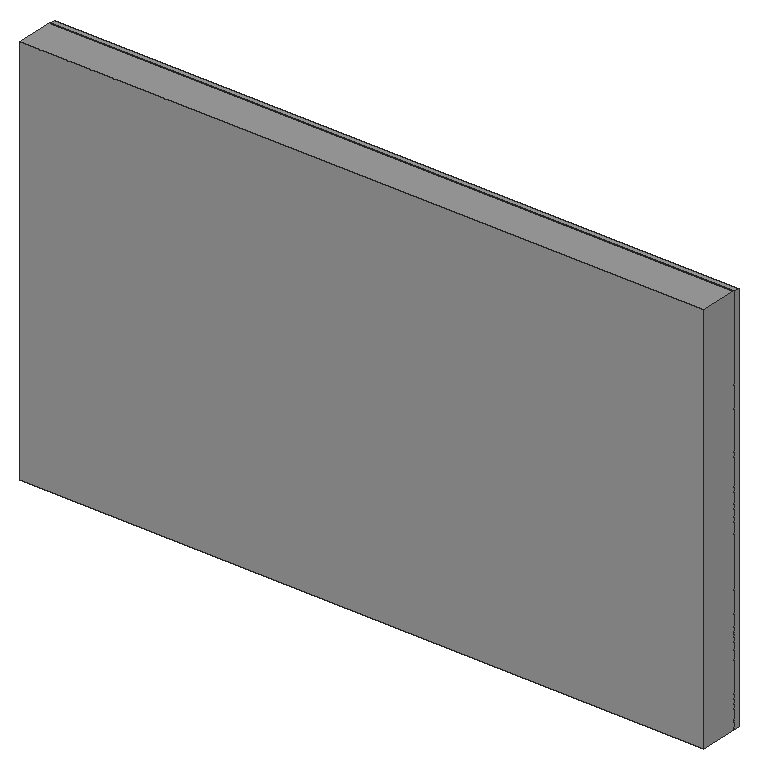
Revit family "Pluraluce M LED 1-s Sentr (skrått 45 grader opp mot høyre_veggmontasje)", category Lighting Fixtures, Revit 2013
Parameters (values of type "20m")
  Width = 10 mm
  Wattage Comments = "17 W"
  Wattage = 9.2903 W
  built-in parameter 1150110 = 1 (stored number, unit not read)
  Voltage = 230 V
  URL = ""
  built-in parameter 1114217 = 1 (stored number, unit not read)
  Tilt Angle = 90.00°
  built-in parameter 1150109 = 1 (stored number, unit not read)
  built-in parameter 1150134 = 3
  Symbol Positive Direction [instance] = yes
  Symbol Offset Side [instance] = 0 mm
  Symbol Offset Out [instance] = 0 mm
  built-in parameter 1150113 = 1 (stored number, unit not read)
  Reference Line Out [instance] = 50 mm
  Photometric Web File = "20x42A12.ies"
  Number of Poles = 1
  built-in parameter 1150105 = 109.82 (stored number, unit not read)
  Lumens = 1380 lm
  built-in parameter 1150115 = 1 (stored number, unit not read)
  Load Classification [instance] = Other
  Model = ""
  Manufacturer = ""
  built-in parameter 1150137 = (empty or 0)
  built-in parameter 1150139 = (empty or 0)
  Length 1 = Length - 30 mm  # 205 mm
  Length = 235 mm
  built-in parameter 1150112 = 1 (stored number, unit not read)
  built-in parameter 1150114 = 1 (stored number, unit not read)
  Lamp = "1"
  built-in parameter 1150132 = (empty or 0)
  built-in parameter 1150102 = (empty or 0)
  built-in parameter 1150107 = 3200 (stored number, unit not read)
  built-in parameter 1150138 = (empty or 0)
  built-in parameter 1150106 = 1.0982 (stored number, unit not read)
  Height 1 = Height - 30 mm  # 105 mm
  Height = 135 mm
  Emit from Rectangle Width = Height  # 135 mm
  Emit from Rectangle Length = Length  # 235 mm
  Emit Shape Visible in Rendering = no
  built-in parameter 1150104 = 13.8 (stored number, unit not read)
  Dimming Lamp Color Temperature Shift = <None>
  Description = ""
  Color Filter = 16777215
  Body Material and Colour = Default
  built-in parameter 1114218 = 1 (stored number, unit not read)
  built-in parameter 1150133 = 10 (stored number, unit not read)
  Assembly Code = ""
  Apparent Load = 17 VA
  30m = no
  20m = yes
Types (2, lengths in mm): name | Reference Line Out | Length 1 | Length | Height 1 | Height | Emit from Rectangle Width | Emit from Rectangle Length | 30m | 20m
  20m | 50 | 205 | 235 | 105 | 135 | 135 | 235 | no | yes
  30m | 139.852 | 305 | 335 | 155 | 185 | 185 | 335 | yes | no
Reference planes
  plane 1 "Light Source Axis (F/B)": y = 119.961
  plane 2 "Top": z = 83
  plane 3 "Light Source Axis (L/R)": x = 0
  plane 4 "Level": z = 0
  plane 5 "Bottom": z = -135
  plane 6: x = -117.5
  plane 7: x = 117.5
  plane 8: y = 132.961
  plane 9: y = 134.961
  plane 10: z = -15
  plane 11: x = -102.5
  plane 12: x = 102.5
  plane 13: z = -67.5
  plane 14: z = -120
Forms (mm)
  Extrusion 1, solid, material "Default" <- "Body Material and Colour"
    sketch origin (0, 119.961, 0) x (1, 0, 0) y (0, 0, 1)
      loop
        line (-117.5, 0) -> (-117.5, -135) -> (117.5, -135) -> (117.5, 0) -> (-117.5, 0)
    from 0 to -13
  Extrusion 2, solid, material "Default" <- "Body Material and Colour"
    sketch origin (0, 119.961, 0) x (1, 0, 0) y (0, 0, 1)
      loop
        line (-117.5, 0) -> (-117.5, -135) -> (117.5, -135) -> (117.5, 0) -> (-117.5, 0)
      loop
        line (-102.5, -15) -> (-102.5, -120) -> (102.5, -120) -> (102.5, -15) -> (-102.5, -15)
    from -15 to -13
Lines and regions (mm)
  model lines, style "InvisibleLines"
    curve 1: line (0, 119.961, 0) -> (0, 169.961, 0)
Dimensions and locks
  equal spacing: plane 6, plane 3 "Light Source Axis (L/R)", plane 7
  "Length": plane 6 to plane 7
  plane 8 to plane 1 "Light Source Axis (F/B)" = 13 mm
  locked: plane 9 to plane 8 at 2
  equal spacing: plane 4 "Level", plane 13, plane 5 "Bottom"
  "Height": plane 4 "Level" to plane 5 "Bottom"
  equal spacing: plane 11, plane 3 "Light Source Axis (L/R)", plane 12
  "Length 1": plane 11 to plane 12
  equal spacing: plane 10, plane 13, plane 14
  "Height 1": plane 10 to plane 14
  locked: plane 1 "Light Source Axis (F/B)" to plane 9 at 15
  "Reference Line Out": plane 1 "Light Source Axis (F/B)" to curve 1
  aligned and locked: plane 4 "Level" to level
  aligned and locked: plane 8 to nested 2
  aligned and locked: nested 2 to plane 13
  aligned and locked: plane 3 "Light Source Axis (L/R)" to nested 3
  aligned and locked: plane 1 "Light Source Axis (F/B)" to nested 3
  aligned and locked: plane 8 to nested 1
  aligned and locked: plane 4 "Level" to Extrusion 1 sketch curve
  aligned and locked: plane 6 to Extrusion 1 sketch curve
  aligned and locked: plane 5 "Bottom" to Extrusion 1 sketch curve
  aligned and locked: Extrusion 1 sketch curve to plane 7
  aligned and locked: Extrusion 1 to plane 8
  aligned and locked: plane 1 "Light Source Axis (F/B)" to Extrusion 1
  aligned and locked: plane 4 "Level" to Extrusion 2 sketch curve
  aligned and locked: Extrusion 2 sketch curve to plane 7
  aligned and locked: plane 5 "Bottom" to Extrusion 2 sketch curve
  aligned and locked: plane 6 to Extrusion 2 sketch curve
  aligned and locked: Extrusion 2 sketch curve to plane 10
  aligned and locked: plane 11 to Extrusion 2 sketch curve
  aligned and locked: plane 14 to Extrusion 2 sketch curve
  aligned and locked: Extrusion 2 sketch curve to plane 12
  aligned and locked: plane 8 to Extrusion 2
  aligned and locked: Extrusion 2 to plane 9
  aligned and locked: nested 1 to plane 13
  aligned and locked: plane 13 to imposter light
  aligned and locked: imposter light to plane 9
  aligned and locked: plane 1 "Light Source Axis (F/B)" to curve 1
  aligned and locked: plane 3 "Light Source Axis (L/R)" to curve 1
Nested families
  nested 1: "20m_skrått 45 grader opp mot høyre" at (0, 132.961, -67.5), visible <- "20m", type "20m"
  nested 2: "30m_skrått 45 grader opp mot høyre" at (0, 132.961, -67.5), visible <- "30m", type "30m"
  nested 3: "MarkeringslysS" at (0, 119.961, 0), type "Type 1"
Connectors
  electrical at (0, 119.961, 0), driven by "Number of Poles", driven by "Voltage", driven by "Apparent Load", driven by "Load Classification"
    settings: index 1, voltage 230 V, apparent load 0 VA, apparent load phase1 17 VA, apparent load phase2 0 VA, apparent load phase3 0 VA, power factor 1, load classification "Other", number of poles 1, system type 31, power factor state 1, is connector primary yes, connector utility no, sub classification motor no, connector description ""
Definition of nested family "20m_skrått 45 grader opp mot høyre"
  Parameters (values of type "20m")
    Material = yes
    L = 205 mm
    H = 135 mm
  Reference planes
    plane 1 "Center (Front/Back)": y = 0
    plane 2: z = 0
    plane 3 "Center (Left/Right)": x = 0
    plane 4: y = -2
  Forms (mm)
    Extrusion 1, solid, material "Green", visible <- "Material"
      sketch origin (453.48, 0, -265.275) x (1, 0, 0) y (0, 0, 1)
        loop
          line (-555.98, 317.775) -> (-555.98, 212.775) -> (-350.98, 212.775) -> (-350.98, 317.775) -> (-555.98, 317.775)
        loop
          circle (-437.193, 303.483) r 7
        loop
          line (-431.459, 291.17) -> (-435.11, 287.519) -> (-431.017, 280.43) -> (-442.639, 270.677)
          arc (-442.639, 270.677) -> (-443.324, 269.361) -> (-442.878, 267.946) r 1.939
          line (-442.878, 267.946) -> (-441.216, 265.965)
          arc (-441.216, 265.965) -> (-439.9, 265.28) -> (-438.485, 265.726) r 1.939
          line (-438.485, 265.726) -> (-427.735, 274.746) -> (-422.813, 266.22) -> (-434.103, 256.746) -> (-434.103, 225.892)
          arc (-434.103, 225.892) -> (-433.157, 223.607) -> (-430.872, 222.661) r 3.232
          line (-430.872, 222.661) -> (-427.64, 222.661)
          arc (-427.64, 222.661) -> (-425.355, 223.607) -> (-424.409, 225.892) r 3.232
          line (-424.409, 225.892) -> (-424.409, 252.226) -> (-417.891, 257.695) -> (-412.727, 248.752) -> (-379.165, 248.752)
          arc (-379.165, 248.752) -> (-376.88, 249.699) -> (-375.934, 251.984) r 3.232
          line (-375.934, 251.984) -> (-375.934, 255.215)
          arc (-375.934, 255.215) -> (-376.88, 257.5) -> (-379.165, 258.447) r 3.232
          line (-379.165, 258.447) -> (-395.935, 258.447) -> (-412.211, 286.638) -> (-395.394, 283.363) -> (-389.337, 272.872)
          arc (-389.337, 272.872) -> (-388.11, 271.956) -> (-386.602, 272.215) r 1.939
          line (-386.602, 272.215) -> (-384.363, 273.669)
          arc (-384.363, 273.669) -> (-383.522, 274.892) -> (-383.792, 276.351) r 1.939
          line (-383.792, 276.351) -> (-392.221, 289.33) -> (-425.848, 295.878) -> (-431.459, 291.17)
        loop
          line (-492.493, 288.256) -> (-519.53, 288.256) -> (-519.53, 261.219) -> (-511.419, 253.108) -> (-511.419, 272.034) -> (-477.623, 238.238) -> (-469.512, 246.349) -> (-503.308, 280.145) -> (-484.382, 280.145) -> (-492.493, 288.256)
      from 0 to 2
  Dimensions and locks
    aligned and locked: level to plane 2
Definition of nested family "30m_skrått 45 grader opp mot høyre"
  Parameters (values of type "30m")
    Material = yes
    L = 425.577 mm
    H = 260 mm
  Reference planes
    plane 1 "Center (Front/Back)": y = 0
    plane 2: z = 0
    plane 3 "Center (Left/Right)": x = 0
    plane 4: y = -2
  Forms (mm)
    Extrusion 1, solid, material "Green", visible <- "Material"
      sketch origin (0, 0, 0) x (1, 0, 0) y (0, 0, 1)
        loop
          line (-152.5, 77.5) -> (-152.5, -77.5) -> (152.5, -77.5) -> (152.5, 77.5) -> (-152.5, 77.5)
        loop
          circle (34.197, 48.678) r 8.988
        loop
          line (41.559, 32.868) -> (36.872, 28.181) -> (42.127, 19.078) -> (27.204, 6.556)
          arc (27.204, 6.556) -> (26.324, 4.865) -> (26.897, 3.048) r 2.49
          line (26.897, 3.048) -> (29.031, 0.505)
          arc (29.031, 0.505) -> (30.721, -0.375) -> (32.538, 0.198) r 2.49
          line (32.538, 0.198) -> (46.341, 11.78) -> (52.661, 0.833) -> (38.164, -11.332) -> (38.164, -50.949)
          arc (38.164, -50.949) -> (39.379, -53.883) -> (42.313, -55.098) r 4.149
          line (42.313, -55.098) -> (46.463, -55.098)
          arc (46.463, -55.098) -> (49.397, -53.883) -> (50.612, -50.949) r 4.149
          line (50.612, -50.949) -> (50.612, -17.137) -> (58.981, -10.114) -> (65.611, -21.597) -> (108.705, -21.597)
          arc (108.705, -21.597) -> (111.639, -20.381) -> (112.855, -17.447) r 4.149
          line (112.855, -17.447) -> (112.855, -13.298)
          arc (112.855, -13.298) -> (111.639, -10.364) -> (108.705, -9.148) r 4.149
          line (108.705, -9.148) -> (87.172, -9.148) -> (66.274, 27.049) -> (87.867, 22.844) -> (95.645, 9.373)
          arc (95.645, 9.373) -> (97.22, 8.197) -> (99.157, 8.53) r 2.49
          line (99.157, 8.53) -> (102.032, 10.397)
          arc (102.032, 10.397) -> (103.111, 11.967) -> (102.764, 13.841) r 2.49
          line (102.764, 13.841) -> (91.942, 30.506) -> (48.764, 38.913) -> (41.559, 32.868)
        loop
          line (-69.712, 40.069) -> (-116.852, 40.069) -> (-116.852, -7.071) -> (-102.71, -21.213) -> (-102.71, 11.785) -> (-43.785, -47.14) -> (-29.642, -32.998) -> (-88.568, 25.927) -> (-55.57, 25.927) -> (-69.712, 40.069)
      from 0 to 2
  Dimensions and locks
    aligned and locked: level to plane 2
    aligned and locked: plane 4 to Extrusion 1
    aligned and locked: Extrusion 1 to plane 1 "Center (Front/Back)"
    aligned and locked: Extrusion 1 to plane 4
Definition of nested family "MarkeringslysS"
  Parameters (values of type "Type 1")
    CQ Symbol Positive Direction = yes
    CQ Symbol Negative Direction = not(CQ Symbol Positive Direction)  # no
    CQ Symbol Offset Side = 0 mm
    CQ Symbol Offset Out = 0 mm
  Reference planes
    plane 1: y = 0
    plane 2: x = 0
  Dimensions and locks
    "CQ Symbol Offset Out": plane 1 to nested 1
    "CQ Symbol Offset Out": plane 1 to nested 2
    "CQ Symbol Offset Side": plane 2 to nested 2
    "CQ Symbol Offset Side": nested 1 to plane 2
  Nested families
    nested 1: "LedelysSub" at (0, 0, 0), visible <- "CQ Symbol Negative Direction", type "Type 1"
    nested 2: "LedelysSub" at (0, 0, 0), visible <- "CQ Symbol Positive Direction", type "Type 1"
  Definition of nested family "LedelysSub"
    Reference planes
      plane 1: y = 0
      plane 2: x = 0
    Lines and regions (mm)
      Filled region 1, type "Filled region 1"
        outline origin (64.576, 53.459, 0) x (1, 0, 0) y (0, 1, 0)
          loop
            arc (-65.575, -52.307) -> (-65.224, -51.459) -> (-65.575, -50.61) r 1.2
            line (-65.575, -50.61) -> (-66.424, -51.459) -> (-65.575, -52.307)
      Filled region 2, type "Filled region 1"
        outline origin (-68.271, 53.459, 0) x (0, 1, 0) y (-1, 0, 0)
          loop
            line (-52.307, -65.575) -> (-51.459, -66.424) -> (-50.61, -65.575)
            arc (-50.61, -65.575) -> (-51.459, -65.224) -> (-52.307, -65.575) r 1.2
      detail lines
        curve 1: line (-4, 0, 0) -> (4, 0, 0)
        curve 2: line (4, 0, 0) -> (4, 4, 0)
        curve 3: line (4, 4, 0) -> (-4, 4, 0)
        curve 4: line (-4, 4, 0) -> (-4, 0, 0)
        curve 5: line (-3.097, 0.75, 0) -> (-0.597, 3.25, 0)
        curve 6: line (-3.097, 3.25, 0) -> (-0.597, 0.75, 0)
        curve 7: circle (-1.847, 2, 0) r 1.2 normal (0, 0, 1)
    Text (mm)
      text "ML" at (2.179, 3.025, 0)
    Dimensions and locks
      aligned and locked: Filled region 1 sketch curve to curve 7
